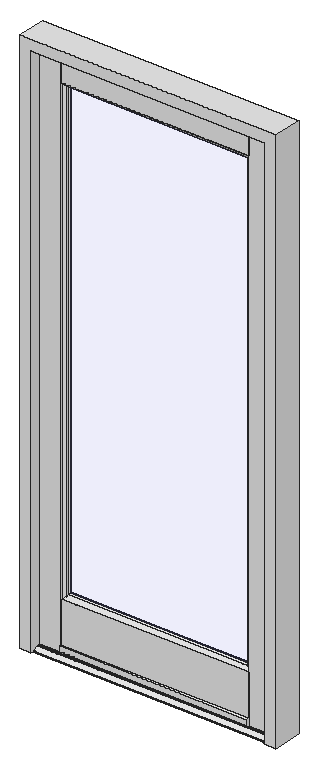
Revit family "kawneer-350_medstile-sgl-ctr-02_16351", category Doors, host Wall, Revit 2015
Parameters (values of type "3' x 7' B.R. 7 1/2"")
  URL = "http://www.kawneer.com/kawneer/north_america/en/product.asp?cat_id=1339&prod_id=1816"
  Type Comments = "CENTER HUNG"
  Thickness = 0' - 1 3/4"
  Rough Width = Width + 0' 4"  # 3' - 4"
  Rough Height = Height + 0' 2"  # 7' - 2"
  Product data url = "https://bimobject.com/kawneerna/product/16342"
  Operation = ""
  Model = "Single 350 Medium Stile Door Center Set B.R. 7 1/2\""
  Manufacturer = "Kawneer"
  Height = 7' - 0"
  Wall Closure = By host
  Width = 3' - 0"
  Function = Interior
  Door Panel = Kawneer - Fluropon_Bone White-391X035
  Door Glazing = Glass
  Door Frame = Kawneer - Fluropon_Bone White-391X035
  Description = "The \"350\" medium stile entrance door offers a rugged appearance, features dual-moment corner construction and is designed for schools, institutions, and other high traffic conditions.\r\neered for moderate traffic in applications such as stores, offices and apartment buildings. Vertical stile measures 2-1/8\" (54); top rail 2-1/4\" (57.2) and bottom rail 3-7/8\" (98.4).  "
  Bottom Rail Height = 0' - 7 1/2"
  Assembly Code = "B2030110"
Types (2): name | Operation | Model | Bottom Rail Height
  3' x 7' B.R. 6 1/2" | " " | "Single 350 Medium Stile Door Center Set B.R. 3 7/8\"" | 0' - 6 1/2"
  3' x 7' B.R. 7 1/2" | "" | "Single 350 Medium Stile Door Center Set B.R. 7 1/2\"" | 0' - 7 1/2"
Reference planes (in)
  plane 1: y = 0
  plane 2 "Center": x = 0
  plane 3 "Left": x = -18
  plane 4 "Right": x = 18
  plane 5 "Top": z = 84
  plane 6 "Glass center": y = 0.125
  plane 7: z = 8.1875
  plane 8: z = 0.6875
  plane 9: x = 20.65625
Forms (in)
  Sweep 1, solid, material "Kawneer - Fluropon_Bone White-391X035" <- "Door Frame"
    path origin (-60, 3, 0) x (-1, 0, 0) y (0, 0, 1)
      loop
        line (-78, 0) -> (-78, 84) -> (-42, 84) -> (-42, 0)
    profile origin (0, 0, 42) x (1, 0, 0) y (0, 1, 0)
      loop
        line (20, 2.25) -> (18.25, 2.25) -> (18.25, -2.25) -> (20, -2.25) -> (20, 2.25)
  Extrusion 2, solid, material "Glass" <- "Door Glazing"
    sketch origin (0, 0.125, 0) x (1, 0, 0) y (0, 0, 1)
      loop
        line (14.46875, 8.375) -> (14.46875, 80.3125) -> (-14.46875, 80.3125) -> (-14.46875, 8.375) -> (14.46875, 8.375)
    from 0 to 0.25
  Extrusion 3, solid, material "Kawneer - Fluropon_Bone White-391X035" <- "Door Panel"
    sketch origin (0, -0.125, 0) x (0, 1, 0) y (0, 0, 1)
      loop
        line (-0.75, 84) -> (-0.75, 80.5) -> (-0.68484, 80.5) -> (-0.24521, 79.97) -> (-0.15138, 79.97) -> (0, 79.83732) -> (0, 80.3125) -> (0.24999, 80.3125) -> (0.24999, 79.82482) -> (0.40117, 79.97) -> (0.49715, 79.97) -> (0.93677, 80.5) -> (1, 80.5) -> (1, 84) -> (0.888, 84) -> (0.888, 83.25) -> (-0.612, 83.25) -> (-0.612, 84) -> (-0.75, 84)
    from -14.65625 to 14.65625
  Extrusion 4, solid, material "Kawneer - Fluropon_Bone White-391X035" <- "Door Panel"
    sketch origin (0, -1.625, 0.15278) x (0, 1, 0) y (0, 0, 1)
      loop
        line (2.5, 0.53472) -> (2.5, 8.03472) -> (2.43512, 8.03472) -> (2.0085, 8.56703) -> (1.94736, 8.56703)
        arc (1.94736, 8.56703) -> (1.82437, 8.6428) -> (1.75, 8.76663) r 0.30526
        line (1.75, 8.76663) -> (1.75, 8.22222) -> (1.5, 8.22222) -> (1.5, 8.76663)
        arc (1.5, 8.76663) -> (1.42562, 8.6428) -> (1.30264, 8.56703) r 0.30526
        line (1.30264, 8.56703) -> (1.2675, 8.56703) -> (0.82596, 8.03472) -> (0.75, 8.03472) -> (0.75, 1.5921) -> (0.51155, 1.52781) -> (0.51155, 0.64322) -> (0.59155, 0.64322) -> (0.71055, 0.41022)
        arc (0.71055, 0.41022) -> (0.74752, 0.3939) -> (0.76384, 0.43087) r 0.02858
        line (0.76384, 0.43087) -> (0.68155, 0.64322) -> (0.75, 0.64322) -> (0.75, 0.53472) -> (0.888, 0.53472) -> (0.888, 1.25347) -> (2.388, 1.25347) -> (2.388, 0.53472) -> (2.5, 0.53472)
      loop
        line (0.901, 1.37847) -> (2.375, 1.37847) -> (2.375, 7.53572)
        arc (2.375, 7.53572) -> (2.25594, 7.55359) -> (2.201, 7.66072) r 0.1319
        line (2.201, 7.66072) -> (2.201, 7.84722) -> (1.075, 7.84722) -> (1.075, 7.66072)
        arc (1.075, 7.66072) -> (1.02006, 7.55359) -> (0.901, 7.53572) r 0.1319
        line (0.901, 7.53572) -> (0.901, 1.37847)
    from -14.65625 to 14.65625
  Extrusion 5, solid, material "Kawneer - Fluropon_Bone White-391X035" <- "Door Frame", detail levels medium+fine
    sketch origin (0, -1.625, 0) x (0, 1, 0) y (0, 0, 1)
      loop
        line (2.40824, 0.342) -> (2.82032, 0.342) -> (3.31016, 0.1166)
        arc (3.31016, 0.1166) -> (3.33645, 0.09372) -> (3.34624, 0.06027) r 0.062
        line (3.34624, 0.06027) -> (3.34624, 0) -> (3.62824, 0) -> (3.62824, 0.10205)
        arc (3.62824, 0.10205) -> (3.62318, 0.11931) -> (3.60962, 0.13112) r 0.032
        line (3.60962, 0.13112) -> (2.80798, 0.5) -> (2.67111, 0.5)
        arc (2.67111, 0.5) -> (2.63911, 0.468) -> (2.60711, 0.5) r 0.032
        line (2.60711, 0.5) -> (2.45311, 0.5)
        arc (2.45311, 0.5) -> (2.42111, 0.468) -> (2.38911, 0.5) r 0.032
        line (2.38911, 0.5) -> (2.25324, 0.5) -> (2.25324, 0.45) -> (1.00324, 0.45) -> (1.00324, 0.5) -> (0.86737, 0.5)
        arc (0.86737, 0.5) -> (0.83537, 0.468) -> (0.80337, 0.5) r 0.032
        line (0.80337, 0.5) -> (0.64937, 0.5)
        arc (0.64937, 0.5) -> (0.61737, 0.468) -> (0.58537, 0.5) r 0.032
        line (0.58537, 0.5) -> (0.4485, 0.5) -> (-0.35314, 0.13112)
        arc (-0.35314, 0.13112) -> (-0.36671, 0.11931) -> (-0.37176, 0.10205) r 0.032
        line (-0.37176, 0.10205) -> (-0.37176, 0) -> (-0.08976, 0) -> (-0.08976, 0.06027)
        arc (-0.08976, 0.06027) -> (-0.07997, 0.09372) -> (-0.05368, 0.1166) r 0.062
        line (-0.05368, 0.1166) -> (0.43616, 0.342) -> (0.84724, 0.342) -> (0.84724, 0.28492) -> (2.40824, 0.28492) -> (2.40824, 0.342)
    from -18.25 to 18.25
  Extrusion 6, solid, material "Kawneer - Fluropon_Bone White-391X035" <- "Door Panel"
    sketch origin (-16.75678, 25.24351, 0) x (1, 0, 0) y (0, 1, 0)
      loop
        arc (-1.24109, -24.36851) -> (-1.34217, -24.67546) -> (-1.39947, -24.99351) r 2.3125
        line (-1.39947, -24.99351) -> (-1.21296, -24.99351)
        arc (-1.21296, -24.99351) -> (-1.14947, -24.93151) -> (-1.08697, -24.99451) r 0.063
        line (-1.08697, -24.99451) -> (-1.08697, -25.49251)
        arc (-1.08697, -25.49251) -> (-1.14947, -25.55551) -> (-1.21296, -25.49351) r 0.063
        line (-1.21296, -25.49351) -> (-1.39947, -25.49351)
        arc (-1.39947, -25.49351) -> (-1.34217, -25.81156) -> (-1.24109, -26.11851) r 2.3125
        line (-1.24109, -26.11851) -> (2.10053, -26.11851) -> (2.10053, -26.05363) -> (2.63053, -25.61401) -> (2.63053, -25.55287)
        arc (2.63053, -25.55287) -> (2.69364, -25.44318) -> (2.79581, -25.36851) r 0.30526
        line (2.79581, -25.36851) -> (2.28803, -25.36851) -> (2.28803, -25.11851) -> (2.79581, -25.11851)
        arc (2.79581, -25.11851) -> (2.69364, -25.04385) -> (2.63053, -24.93416) r 0.30526
        line (2.63053, -24.93416) -> (2.63053, -24.87301) -> (2.10053, -24.43339) -> (2.10053, -24.36851) -> (-1.24109, -24.36851)
    from 0.6875 to 84
  Extrusion 7, solid, material "Kawneer - Fluropon_Bone White-391X035" <- "Door Panel"
    sketch origin (16.75678, 25.24351, 0) x (-1, 0, 0) y (0, -1, 0)
      loop
        line (-1.24109, 24.36851) -> (2.10053, 24.36851) -> (2.10053, 24.43339) -> (2.63053, 24.87301) -> (2.63053, 24.93416)
        arc (2.63053, 24.93416) -> (2.69364, 25.04385) -> (2.79581, 25.11851) r 0.30526
        line (2.79581, 25.11851) -> (2.28803, 25.11851) -> (2.28803, 25.36851) -> (2.79581, 25.36851)
        arc (2.79581, 25.36851) -> (2.69364, 25.44318) -> (2.63053, 25.55287) r 0.30526
        line (2.63053, 25.55287) -> (2.63053, 25.61401) -> (2.10053, 26.05363) -> (2.10053, 26.11851) -> (-1.24109, 26.11851)
        arc (-1.24109, 26.11851) -> (-1.34217, 25.81156) -> (-1.39947, 25.49351) r 2.3125
        line (-1.39947, 25.49351) -> (-1.21296, 25.49351)
        arc (-1.21296, 25.49351) -> (-1.14947, 25.55551) -> (-1.08697, 25.49251) r 0.063
        line (-1.08697, 25.49251) -> (-1.08697, 24.99451)
        arc (-1.08697, 24.99451) -> (-1.14947, 24.93151) -> (-1.21296, 24.99351) r 0.063
        line (-1.21296, 24.99351) -> (-1.39947, 24.99351)
        arc (-1.39947, 24.99351) -> (-1.34217, 24.67546) -> (-1.24109, 24.36851) r 2.3125
    from 0.6875 to 84
Lines and regions (in)
  Opening 1
    outline origin (-90, -3, 0) x (1, 0, 0) y (0, 0, 1)
      loop
        line (70, 0) -> (110, 0) -> (110, 86) -> (70, 86) -> (70, 0)
  symbolic lines, style "Elevation Swing"
    curve 1: line (18, 3, 0) -> (-18, 3, 42)
    curve 2: line (-18, 3, 42) -> (18, 3, 84)
  symbolic lines
    curve 3: line (-18, 1, 0) -> (-16.25, 1, 0)
    curve 4: line (-18, 38.25, 0) -> (-18, 1, 0)
    curve 5: line (-16.25, 38.25, 0) -> (-18, 38.25, 0)
    curve 6: line (-16.25, 1, 0) -> (-16.25, 38.25, 0)
    curve 7: arc (-18, 38.25, 0) -> (7.45584, 27.70584, 0) -> (18, 2.25, 0) r 36
Text (in)
  text "Exterior" at (-58.67754, 27.31104, 0), in view "Floor Line"
  text "Interior" at (-58.34764, -25.14366, 0), in view "Floor Line"
  text "Exterior" at (0, 40.15149, 123.01588), in view "Right"
  text "Interior" at (0, -64.39139, 123.01588), in view "Right"
  text "Interior" at (0, -31.01599, 123.00693), in view "Left"
  text "Exterior" at (0, 54.57065, 123.00693), in view "Left"
Dimensions and locks (in)
  equal spacing: plane 3 "Left", plane 2 "Center", plane 4 "Right"
  "Height": level to plane 5 "Top"
  "Width": plane 3 "Left" to plane 4 "Right"
  equal spacing: host wall, curve 2, plane 5 "Top"
  locked: plane 4 "Right" to Opening 1 sketch curve at 2
  locked: Opening 1 sketch curve to plane 3 "Left" at 2
  locked: plane 5 "Top" to Opening 1 sketch curve at 2
  locked: Sweep 1 sketch curve to Sweep 1 sketch curve at 4.5
  locked: profile plane to Sweep 1 sketch curve at 2
  "Width": curve 5 to Sweep 1
  "Thickness": plane 3 "Left" to curve 6
  locked: Sweep 1 to Sweep 1 at 1.75  (x2)
  locked: Extrusion 3 sketch curve to plane 5 "Top" at 3.5
  locked: plane 8 to level at 0.6875
  "Bottom Rail Height": plane 7 to plane 8
  locked: Extrusion 3 sketch curve to Extrusion 3 sketch curve at 1.75
  Extrusion 3 to host wall = 0' - 2 1/8"
  equal spacing: Sweep 1 sketch curve, host wall, Sweep 1 sketch curve
  locked: Extrusion 7 to plane 4 "Right" at 3.34375
  locked: Extrusion 6 to plane 3 "Left" at 3.34375
  aligned and locked: Opening 1 sketch curve to level
  aligned and locked: plane 4 "Right" to curve 1
  aligned and locked: plane 3 "Left" to curve 1
  aligned and locked: plane 5 "Top" to curve 2
  aligned and locked: plane 4 "Right" to Sweep 1 sketch curve
  aligned and locked: Sweep 1 sketch curve to plane 3 "Left"
  aligned and locked: plane 5 "Top" to Sweep 1 sketch curve
  aligned and locked: Extrusion 3 sketch curve to Extrusion 3 sketch curve
  aligned and locked: plane 7 to Extrusion 4 sketch curve  (x2)
  aligned and locked: plane 8 to Extrusion 4
  aligned and locked: Extrusion 3 to plane 5 "Top"  (x2)
  aligned and locked: Extrusion 3 to Extrusion 7
  aligned and locked: Extrusion 4 to Extrusion 7
  aligned and locked: Extrusion 3 to Extrusion 6
  aligned and locked: Extrusion 4 to Extrusion 6
  aligned and locked: Extrusion 7 to plane 5 "Top"
  aligned and locked: Extrusion 6 to plane 5 "Top"
Automatic sketch dimensions
  curve 3 to plane 3 "Left" = 0' - 0"
  curve 7 to plane 4 "Right" = 0' - 0"
  curve 3 to plane 6 "Glass center" = 0' - 0 7/8"
  curve 1 to level = 0' - 0"
  curve 2 to plane 4 "Right" = 0' - 0"
  Sweep 1 sketch curve to level = 0' - 0"  (x2)
  Sweep 1 sketch curve to profile plane = 0' - 0 1/4"
  plane 7 to Extrusion 2 sketch curve = 0' - 0 3/16"
  plane 5 "Top" to Extrusion 2 sketch curve = 0' - 3 11/16"
  Extrusion 3 sketch curve to plane 5 "Top" = 0' - 0"  (x2)
  Extrusion 3 sketch curve to plane 6 "Glass center" = 0' - 0"
  host wall to Extrusion 3 sketch curve = 0' - 0 1/8"
  Extrusion 3 sketch curve to Extrusion 3 sketch curve = 0' - 0.15138"
  Extrusion 3 sketch curve to Extrusion 3 sketch curve = 0' - 0.09383"
  host wall to Extrusion 3 sketch curve = 0' - 0.737"
  Extrusion 3 sketch curve to Extrusion 3 sketch curve = 0' - 0.43962"
  Extrusion 3 sketch curve to Extrusion 3 sketch curve = 0' - 0.138"
  Extrusion 3 sketch curve to plane 6 "Glass center" = 0' - 0.15117"
  Extrusion 3 sketch curve to Extrusion 3 sketch curve = 0' - 0.09598"
  Extrusion 3 sketch curve to Extrusion 3 sketch curve = 0' - 0.112"
  Extrusion 3 sketch curve to Extrusion 3 sketch curve = 0' - 0.06323"
  Extrusion 3 sketch curve to Extrusion 3 sketch curve = 0' - 0 3/16"
  Extrusion 3 sketch curve to Extrusion 3 sketch curve = 0' - 0.3425"  (x2)
  Extrusion 3 sketch curve to Extrusion 3 sketch curve = 0' - 0.13269"
  Extrusion 3 sketch curve to Extrusion 3 sketch curve = 0' - 0.14518"
  plane 5 "Top" to Extrusion 3 sketch curve = 0' - 0 3/4"
  Extrusion 4 sketch curve to plane 8 = 0' - 0"  (x2)
  Extrusion 4 sketch curve to plane 6 "Glass center" = 0' - 0"
  host wall to Extrusion 4 sketch curve = 0' - 0 1/8"
  Extrusion 4 sketch curve to Extrusion 4 sketch curve = 0' - 0.19736"
  Extrusion 4 sketch curve to Extrusion 4 sketch curve = 0' - 0 9/256"
  Extrusion 4 sketch curve to Extrusion 4 sketch curve = 0' - 0.05894"
  host wall to Extrusion 4 sketch curve = 0' - 0.55"
  Extrusion 4 sketch curve to Extrusion 4 sketch curve = 0' - 0.1319"  (x2)
  Extrusion 4 sketch curve to Extrusion 4 sketch curve = 0' - 0.0421"  (x2)
  Extrusion 4 sketch curve to Extrusion 4 sketch curve = 0' - 0.013"
  Extrusion 4 sketch curve to Extrusion 4 sketch curve = 0' - 0.24904"
  Extrusion 4 sketch curve to plane 8 = 0' - 0.10384"
  Extrusion 4 sketch curve to Extrusion 4 sketch curve = 0' - 0.12416"
  Extrusion 4 sketch curve to Extrusion 4 sketch curve = 0' - 0.01384"
  Extrusion 4 sketch curve to Extrusion 4 sketch curve = 0' - 0.07596"
  Extrusion 4 sketch curve to Extrusion 4 sketch curve = 0' - 0.02665"  (x2)
  Extrusion 4 sketch curve to plane 8 = 0' - 0.1245"
  Extrusion 4 sketch curve to Extrusion 4 sketch curve = 0' - 0.06845"
  plane 8 to Extrusion 4 sketch curve = 0' - 0.1085"
  Extrusion 4 sketch curve to Extrusion 4 sketch curve = 0' - 0.09"
  Extrusion 4 sketch curve to Extrusion 4 sketch curve = 0' - 0.23845"
  Extrusion 4 sketch curve to plane 6 "Glass center" = 0' - 0.19736"
  Extrusion 4 sketch curve to Extrusion 4 sketch curve = 0' - 0.06114"
  Extrusion 4 sketch curve to plane 6 "Glass center" = 0' - 0.29144"
  Extrusion 4 sketch curve to plane 6 "Glass center" = 0' - 0.451"
  Extrusion 4 sketch curve to plane 6 "Glass center" = 0' - 0.638"
  Extrusion 4 sketch curve to Extrusion 4 sketch curve = 0' - 0.23412"
  Extrusion 4 sketch curve to Extrusion 4 sketch curve = 0' - 0.06488"
  Extrusion 4 sketch curve to Extrusion 4 sketch curve = 0' - 0"  (x2)
  plane 8 to Extrusion 4 sketch curve = 0' - 0 23/32"
  Extrusion 4 sketch curve to Extrusion 4 sketch curve = 0' - 0 1/8"
  Extrusion 4 sketch curve to Extrusion 4 sketch curve = 0' - 0.14935"
  Extrusion 4 sketch curve to Extrusion 4 sketch curve = 0' - 0.06429"
  Extrusion 4 sketch curve to plane 7 = 0' - 0.499"  (x2)
  Extrusion 4 sketch curve to Extrusion 4 sketch curve = 0' - 0.1865"
  plane 7 to Extrusion 4 sketch curve = 0' - 0 3/16"
  Extrusion 4 sketch curve to Extrusion 4 sketch curve = 0' - 0.34482"  (x2)
  Extrusion 4 sketch curve to Extrusion 4 sketch curve = 0' - 0.1996"
  Extrusion 5 sketch curve to level = 0' - 0"  (x2)
  level to Extrusion 5 sketch curve = 0' - 0.10205"  (x2)
  Extrusion 5 sketch curve to host wall = 0' - 1.00324"
  level to Extrusion 5 sketch curve = 0' - 0.13112"
  Extrusion 5 sketch curve to Extrusion 5 sketch curve = 0' - 0.01862"
  level to Extrusion 5 sketch curve = 0' - 0.06027"  (x2)
  Extrusion 5 sketch curve to Extrusion 5 sketch curve = 0' - 0 1/4"  (x2)
  level to Extrusion 5 sketch curve = 0' - 0.1166"
  Extrusion 5 sketch curve to Extrusion 5 sketch curve = 0' - 0.03608"
  level to Extrusion 5 sketch curve = 0' - 0.342"  (x2)
  Extrusion 5 sketch curve to Extrusion 5 sketch curve = 0' - 0.48984"
  Extrusion 5 sketch curve to plane 8 = 0' - 0 3/16"
  Extrusion 5 sketch curve to Extrusion 5 sketch curve = 0' - 0.01233"  (x2)
  Extrusion 5 sketch curve to Extrusion 5 sketch curve = 0' - 0.13687"  (x2)
  Extrusion 5 sketch curve to Extrusion 5 sketch curve = 0' - 0.032"  (x5)
  Extrusion 5 sketch curve to Extrusion 5 sketch curve = 0' - 0.154"  (x2)
  Extrusion 5 sketch curve to Extrusion 5 sketch curve = 0' - 0.01187"
  Extrusion 5 sketch curve to Extrusion 5 sketch curve = 0' - 0.13587"  (x2)
  Extrusion 5 sketch curve to plane 8 = 0' - 0.2375"
  Extrusion 5 sketch curve to plane 6 "Glass center" = 0' - 0.50324"
  Extrusion 5 sketch curve to Extrusion 5 sketch curve = 0' - 0.01913"
  Extrusion 5 sketch curve to Extrusion 5 sketch curve = 0' - 0.46392"
  Extrusion 5 sketch curve to Extrusion 5 sketch curve = 0' - 0.02592"
  Extrusion 5 sketch curve to Extrusion 5 sketch curve = 0' - 0.062"
  Extrusion 5 sketch curve to Extrusion 5 sketch curve = 0' - 0.01338"
  Extrusion 5 sketch curve to Extrusion 5 sketch curve = 0' - 0.05708"
  Extrusion 5 sketch curve to Extrusion 5 sketch curve = 0' - 0.05"
  Extrusion 6 sketch curve to Extrusion 6 sketch curve = 0' - 0"  (x3)
  Extrusion 6 sketch curve to host wall = 0' - 0"
  Extrusion 6 sketch curve to plane 6 "Glass center" = 0' - 0"
  Extrusion 6 sketch curve to plane 3 "Left" = 0' - 0 5/32"
  Extrusion 6 sketch curve to Extrusion 6 sketch curve = 0' - 0.063"  (x2)
  Extrusion 6 sketch curve to plane 3 "Left" = 0' - 0.03025"  (x2)
  Extrusion 6 sketch curve to plane 3 "Left" = 0' - 0.00213"
  Extrusion 6 sketch curve to plane 3 "Left" = 0' - 0.00212"
  plane 3 "Left" to Extrusion 6 sketch curve = 0' - 0 5/32"  (x2)
  Extrusion 6 sketch curve to plane 6 "Glass center" = 0' - 0 1/8"
  host wall to Extrusion 6 sketch curve = 0' - 0 1/8"
  Extrusion 6 sketch curve to Extrusion 6 sketch curve = 0' - 0.3425"  (x2)
  Extrusion 6 sketch curve to plane 6 "Glass center" = 0' - 0.18436"
  Extrusion 6 sketch curve to Extrusion 6 sketch curve = 0' - 0.16528"  (x2)
  Extrusion 6 sketch curve to Extrusion 6 sketch curve = 0' - 0.2904"
  Extrusion 6 sketch curve to plane 6 "Glass center" = 0' - 0.27844"
  host wall to Extrusion 6 sketch curve = 0' - 0.249"
  Extrusion 6 sketch curve to Extrusion 6 sketch curve = 0' - 0.18436"
  Extrusion 6 sketch curve to Extrusion 6 sketch curve = 0' - 0.06114"  (x2)
  Extrusion 6 sketch curve to Extrusion 6 sketch curve = 0' - 0.06488"  (x2)
  Extrusion 7 sketch curve to Extrusion 7 sketch curve = 0' - 0"  (x3)
  Extrusion 7 sketch curve to host wall = 0' - 0"
  Extrusion 7 sketch curve to plane 6 "Glass center" = 0' - 0"
  plane 4 "Right" to Extrusion 7 sketch curve = 0' - 0 5/32"
  Extrusion 7 sketch curve to Extrusion 7 sketch curve = 0' - 0.063"  (x2)
  plane 4 "Right" to Extrusion 7 sketch curve = 0' - 0.03025"  (x2)
  plane 4 "Right" to Extrusion 7 sketch curve = 0' - 0.00213"
  plane 4 "Right" to Extrusion 7 sketch curve = 0' - 0.00212"
  Extrusion 7 sketch curve to plane 4 "Right" = 0' - 0 5/32"  (x2)
  Extrusion 7 sketch curve to plane 6 "Glass center" = 0' - 0 1/8"
  host wall to Extrusion 7 sketch curve = 0' - 0 1/8"
  Extrusion 7 sketch curve to Extrusion 7 sketch curve = 0' - 0.3425"  (x2)
  Extrusion 7 sketch curve to plane 6 "Glass center" = 0' - 0.18436"
  Extrusion 7 sketch curve to Extrusion 7 sketch curve = 0' - 0.16528"  (x2)
  Extrusion 7 sketch curve to Extrusion 7 sketch curve = 0' - 0.2904"
  Extrusion 7 sketch curve to plane 6 "Glass center" = 0' - 0.27844"
  Extrusion 7 sketch curve to Extrusion 7 sketch curve = 0' - 0.06488"  (x2)
  Extrusion 7 sketch curve to Extrusion 7 sketch curve = 0' - 0.06114"  (x2)
  host wall to Extrusion 7 sketch curve = 0' - 0.249"
  Extrusion 7 sketch curve to Extrusion 7 sketch curve = 0' - 0.18436"
  plane 4 "Right" to Extrusion 2 sketch curve = 0' - 3 17/32"
  Extrusion 7 sketch curve to Extrusion 7 sketch curve = 0' - 1.98645"
  Extrusion 7 sketch curve to Extrusion 7 sketch curve = 0' - 1.20105"  (x2)
  Extrusion 7 sketch curve to Extrusion 7 sketch curve = 0' - 0 3/16"
  Extrusion 2 sketch curve to plane 3 "Left" = 0' - 3 17/32"
  Extrusion 6 sketch curve to Extrusion 6 sketch curve = 0' - 1.98645"
  Extrusion 6 sketch curve to Extrusion 6 sketch curve = 0' - 1.20105"  (x2)
  Extrusion 6 sketch curve to Extrusion 6 sketch curve = 0' - 0 3/16"
